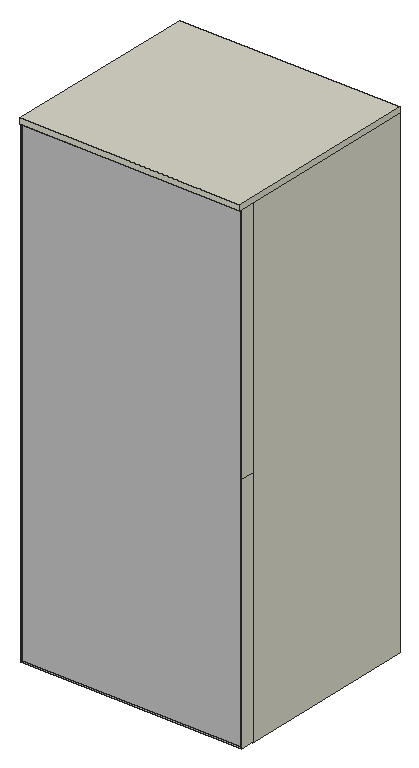
Revit family "bathroom vanity-hansgrohe-54216XXX-Xevolos E Mid-height cabinet Sand Matt Beige 400_360, door hinge right", category Furniture, Revit 2019
Family settings
  OmniClass Number = 23.40.00.00
  OmniClass Title = Equipment and Furnishings
  Work Plane-Based = No
  Always vertical = Yes
  Cut with Voids When Loaded = No
  Shared = Yes
  Room Calculation Point = No
Parameters (values of type "54216790-SAND_MATT_BEIGE-METALLIC_SAND_BEIGE-400")
  etim7_EC011381 = "EC011381"
  WEIGHT = "22.5"
  UNSPSC = "56 | Furniture and Furnishings"
  UNIFORMATII = "E2010 | Fixed Furnishings"
  UNICLASS_2015_CODE = "40_30_78_05"
  UNICLASS2015 = "Pr_40_30_78_05 | Bathroom furniture"
  SURFACE = "METALLIC_SAND_BEIGE"
  REGION = "Worldwide"
  PRODUCTURL = "https://pro.hansgrohe.com/articledetail--54216790"
  PERMALINK = "54216XXX"
  OMNICLASS = "23-21 19 15 33 13 | Residential Bathroom Specialty Casework"
  OBJECTTYPE = "Object (single object)"
  OBERFLAECHE = "SAND_MATT_BEIGE"
  NN = "Mid-height cabinet, door hinge"
  NBSYN = "$ARTNR.-$OBERFLAECHE.-$SURFACE.-$LODLEVEL."
  NB = "54216790-SAND_MATT_BEIGE-METALLIC_SAND_BEIGE-400"
  NAME = "Xevolos E Mid-height cabinet Sand Matt Beige 400/360, door hinge right"
  Model = "54216790-SAND_MATT_BEIGE-METALLIC_SAND_BEIGE-400"
  Manufacturer = "Hansgrohe"
  MIdent = "{$CADENAS_DATA/23d-libs/hansgrohe/xevolos_furniture/xevolos_mid-height_cabinet_door_hinge/mid-height_cabinet_door_hinge.prj},269 {VTYP=3D},{NB=54216790-SAND_MATT_BEIGE-METALLIC_SAND_BEIGE-400},{LINA=54216790-SAND_MATT_BEIGE-METALLIC_SAND_BEIGE-400},{NN=Mid-height cabinet, door hinge},{DATE=13.03.2023 11:42:53},{GEOMDATE=12.03.2023 06:48:00},{VERSION=},{LINEID=150},{WBVAR=LODLEVEL},{WBNUMERIC=}  {NB=54216790-SAND_MATT_BEIGE-METALLIC_SAND_BEIGE-400},{LINA=54216790-SAND_MATT_BEIGE-METALLIC_SAND_BEIGE-400},{KT=DUMMY},{IDNR=15},{ARTNR=54216790},{BASENUMBER=54216},{MODEL=54216XXX},{OBERFLAECHE=SAND_MATT_BEIGE},{SURFACE=METALLIC_SAND_BEIGE},{L=400},{LODLEVEL=400},{LODLEVELX='400','400','200','200'},{NAME=Xevolos E Mid-height cabinet Sand Matt Beige 400/360, door hinge right},{PERMALINK=54216XXX},{OBJECTTYPE=Object (single object)},{BIMOBJECT=Sanitary: Compound units},{COLLECTIONSET=Xevolos E},{COLLECTION=bathroom vanity},{WEIGHT=22.5},{DESCRIPTION=Xevolos E Mid-height cabinet Sand Matt Beige 400/360, door hinge right},{PRODUCTURL=https://pro.hansgrohe.com/articledetail--54216790},{GTINCODE=0},{TENDERURL=0},{IFC=Furnishing element},{ETIM=EC011381 | Bathroom furniture set},{UNICLASS2015=Pr_40_30_78_05 | Bathroom furniture},{OMNICLASS=23-21 19 15 33 13 | Residential Bathroom Specialty Casework},{MASTERFORMAT=12 35 30.23 | Bathroom Casework},{UNSPSC=56 | Furniture and Furnishings},{UNIFORMATII=E2010 | Fixed Furnishings},{REGION=Worldwide},{DESIGN=Germany},{MANUFACTURER=Germany}"
  MASTERFORMAT = "12 35 30.23 | Bathroom Casework"
  LODLEVEL = "400"
  LINA = "54216790-SAND_MATT_BEIGE-METALLIC_SAND_BEIGE-400"
  L = 400
  IFC = "Furnishing element"
  IDNR = 15
  ETIM = "EC011381 | Bathroom furniture set"
  DESIGN = "Germany"
  COLLECTIONSET = "Xevolos E"
  COLLECTION = "bathroom vanity"
  CATALOG = "Hansgrohe"
  BIMOBJECT = "Sanitary: Compound units"
  BASENUMBER = "54216"
  ARTNR = "54216790"
  54216790-SAND_MATT_BEIGE-METALLIC_SAND_BEIGE-400_RX0RY0RZ0TX0TY0TZ0_V = yes
  54216790-SAND_MATT_BEIGE-METALLIC_SAND_BEIGE-200_RX0RY0RZ0TX0TY0TZ0_V = no
  54216730-SAND_MATT_BEIGE-DARK_OAK-400_RX0RY0RZ0TX0TY0TZ0_V = no
  54216730-SAND_MATT_BEIGE-DARK_OAK-200_RX0RY0RZ0TX0TY0TZ0_V = no
  54216390-SAND_MATT_BEIGE-PATTEREND_BRONZE-400_RX0RY0RZ0TX0TY0TZ0_V = no
  54216390-SAND_MATT_BEIGE-PATTEREND_BRONZE-200_RX0RY0RZ0TX0TY0TZ0_V = no
Types (6, lengths in mm): name | SURFACE | NB | Model | MIdent | LODLEVEL | LINA | IDNR | ARTNR | 54216790-SAND_MATT_BEIGE-METALLIC_SAND_BEIGE-400_RX0RY0RZ0TX0TY0TZ0_V | 54216790-SAND_MATT_BEIGE-METALLIC_SAND_BEIGE-200_RX0RY0RZ0TX0TY0TZ0_V | 54216730-SAND_MATT_BEIGE-DARK_OAK-400_RX0RY0RZ0TX0TY0TZ0_V | 54216730-SAND_MATT_BEIGE-DARK_OAK-200_RX0RY0RZ0TX0TY0TZ0_V | 54216390-SAND_MATT_BEIGE-PATTEREND_BRONZE-400_RX0RY0RZ0TX0TY0TZ0_V | 54216390-SAND_MATT_BEIGE-PATTEREND_BRONZE-200_RX0RY0RZ0TX0TY0TZ0_V
  54216390-SAND_MATT_BEIGE-PATTEREND_BRONZE-200 | "PATTEREND_BRONZE" | "54216390-SAND_MATT_BEIGE-PATTEREND_BRONZE-200" | "54216390-SAND_MATT_BEIGE-PATTEREND_BRONZE-200" | "{$CADENAS_DATA/23d-libs/hansgrohe/xevolos_furniture/xevolos_mid-height_cabinet_door_hinge/mid-height_cabinet_door_hinge.prj},263 {VTYP=3D},{NB=54216390-SAND_MATT_BEIGE-PATTEREND_BRONZE-200},{LINA=54216390-SAND_MATT_BEIGE-PATTEREND_BRONZE-200},{NN=Mid-height cabinet, door hinge},{DATE=13.03.2023 11:42:53},{GEOMDATE=12.03.2023 06:48:00},{VERSION=},{LINEID=130},{WBVAR=LODLEVEL},{WBNUMERIC=}  {NB=54216390-SAND_MATT_BEIGE-PATTEREND_BRONZE-200},{LINA=54216390-SAND_MATT_BEIGE-PATTEREND_BRONZE-200},{KT=DUMMY},{IDNR=13},{ARTNR=54216390},{BASENUMBER=54216},{MODEL=54216XXX},{OBERFLAECHE=SAND_MATT_BEIGE},{SURFACE=PATTEREND_BRONZE},{L=400},{LODLEVEL=200},{LODLEVELX='400','400','200','200'},{NAME=Xevolos E Mid-height cabinet Sand Matt Beige 400/360, door hinge right},{PERMALINK=54216XXX},{OBJECTTYPE=Object (single object)},{BIMOBJECT=Sanitary: Compound units},{COLLECTIONSET=Xevolos E},{COLLECTION=bathroom vanity},{WEIGHT=22.5},{DESCRIPTION=Xevolos E Mid-height cabinet Sand Matt Beige 400/360, door hinge right},{PRODUCTURL=https://pro.hansgrohe.com/articledetail--54216790},{GTINCODE=0},{TENDERURL=0},{IFC=Furnishing element},{ETIM=EC011381 | Bathroom furniture set},{UNICLASS2015=Pr_40_30_78_05 | Bathroom furniture},{OMNICLASS=23-21 19 15 33 13 | Residential Bathroom Specialty Casework},{MASTERFORMAT=12 35 30.23 | Bathroom Casework},{UNSPSC=56 | Furniture and Furnishings},{UNIFORMATII=E2010 | Fixed Furnishings},{REGION=Worldwide},{DESIGN=Germany},{MANUFACTURER=Germany}" | "200" | "54216390-SAND_MATT_BEIGE-PATTEREND_BRONZE-200" | 13 | "54216390" | no | no | no | no | no | yes
  54216390-SAND_MATT_BEIGE-PATTEREND_BRONZE-400 | "PATTEREND_BRONZE" | "54216390-SAND_MATT_BEIGE-PATTEREND_BRONZE-400" | "54216390-SAND_MATT_BEIGE-PATTEREND_BRONZE-400" | "{$CADENAS_DATA/23d-libs/hansgrohe/xevolos_furniture/xevolos_mid-height_cabinet_door_hinge/mid-height_cabinet_door_hinge.prj},263 {VTYP=3D},{NB=54216390-SAND_MATT_BEIGE-PATTEREND_BRONZE-400},{LINA=54216390-SAND_MATT_BEIGE-PATTEREND_BRONZE-400},{NN=Mid-height cabinet, door hinge},{DATE=13.03.2023 11:42:53},{GEOMDATE=12.03.2023 06:48:00},{VERSION=},{LINEID=130},{WBVAR=LODLEVEL},{WBNUMERIC=}  {NB=54216390-SAND_MATT_BEIGE-PATTEREND_BRONZE-400},{LINA=54216390-SAND_MATT_BEIGE-PATTEREND_BRONZE-400},{KT=DUMMY},{IDNR=13},{ARTNR=54216390},{BASENUMBER=54216},{MODEL=54216XXX},{OBERFLAECHE=SAND_MATT_BEIGE},{SURFACE=PATTEREND_BRONZE},{L=400},{LODLEVEL=400},{LODLEVELX='400','400','200','200'},{NAME=Xevolos E Mid-height cabinet Sand Matt Beige 400/360, door hinge right},{PERMALINK=54216XXX},{OBJECTTYPE=Object (single object)},{BIMOBJECT=Sanitary: Compound units},{COLLECTIONSET=Xevolos E},{COLLECTION=bathroom vanity},{WEIGHT=22.5},{DESCRIPTION=Xevolos E Mid-height cabinet Sand Matt Beige 400/360, door hinge right},{PRODUCTURL=https://pro.hansgrohe.com/articledetail--54216790},{GTINCODE=0},{TENDERURL=0},{IFC=Furnishing element},{ETIM=EC011381 | Bathroom furniture set},{UNICLASS2015=Pr_40_30_78_05 | Bathroom furniture},{OMNICLASS=23-21 19 15 33 13 | Residential Bathroom Specialty Casework},{MASTERFORMAT=12 35 30.23 | Bathroom Casework},{UNSPSC=56 | Furniture and Furnishings},{UNIFORMATII=E2010 | Fixed Furnishings},{REGION=Worldwide},{DESIGN=Germany},{MANUFACTURER=Germany}" | "400" | "54216390-SAND_MATT_BEIGE-PATTEREND_BRONZE-400" | 13 | "54216390" | no | no | no | no | yes | no
  54216730-SAND_MATT_BEIGE-DARK_OAK-200 | "DARK_OAK" | "54216730-SAND_MATT_BEIGE-DARK_OAK-200" | "54216730-SAND_MATT_BEIGE-DARK_OAK-200" | "{$CADENAS_DATA/23d-libs/hansgrohe/xevolos_furniture/xevolos_mid-height_cabinet_door_hinge/mid-height_cabinet_door_hinge.prj},247 {VTYP=3D},{NB=54216730-SAND_MATT_BEIGE-DARK_OAK-200},{LINA=54216730-SAND_MATT_BEIGE-DARK_OAK-200},{NN=Mid-height cabinet, door hinge},{DATE=13.03.2023 11:42:53},{GEOMDATE=12.03.2023 06:48:00},{VERSION=},{LINEID=140},{WBVAR=LODLEVEL},{WBNUMERIC=}  {NB=54216730-SAND_MATT_BEIGE-DARK_OAK-200},{LINA=54216730-SAND_MATT_BEIGE-DARK_OAK-200},{KT=DUMMY},{IDNR=14},{ARTNR=54216730},{BASENUMBER=54216},{MODEL=54216XXX},{OBERFLAECHE=SAND_MATT_BEIGE},{SURFACE=DARK_OAK},{L=400},{LODLEVEL=200},{LODLEVELX='400','400','200','200'},{NAME=Xevolos E Mid-height cabinet Sand Matt Beige 400/360, door hinge right},{PERMALINK=54216XXX},{OBJECTTYPE=Object (single object)},{BIMOBJECT=Sanitary: Compound units},{COLLECTIONSET=Xevolos E},{COLLECTION=bathroom vanity},{WEIGHT=22.5},{DESCRIPTION=Xevolos E Mid-height cabinet Sand Matt Beige 400/360, door hinge right},{PRODUCTURL=https://pro.hansgrohe.com/articledetail--54216790},{GTINCODE=0},{TENDERURL=0},{IFC=Furnishing element},{ETIM=EC011381 | Bathroom furniture set},{UNICLASS2015=Pr_40_30_78_05 | Bathroom furniture},{OMNICLASS=23-21 19 15 33 13 | Residential Bathroom Specialty Casework},{MASTERFORMAT=12 35 30.23 | Bathroom Casework},{UNSPSC=56 | Furniture and Furnishings},{UNIFORMATII=E2010 | Fixed Furnishings},{REGION=Worldwide},{DESIGN=Germany},{MANUFACTURER=Germany}" | "200" | "54216730-SAND_MATT_BEIGE-DARK_OAK-200" | 14 | "54216730" | no | no | no | yes | no | no
  54216730-SAND_MATT_BEIGE-DARK_OAK-400 | "DARK_OAK" | "54216730-SAND_MATT_BEIGE-DARK_OAK-400" | "54216730-SAND_MATT_BEIGE-DARK_OAK-400" | "{$CADENAS_DATA/23d-libs/hansgrohe/xevolos_furniture/xevolos_mid-height_cabinet_door_hinge/mid-height_cabinet_door_hinge.prj},247 {VTYP=3D},{NB=54216730-SAND_MATT_BEIGE-DARK_OAK-400},{LINA=54216730-SAND_MATT_BEIGE-DARK_OAK-400},{NN=Mid-height cabinet, door hinge},{DATE=13.03.2023 11:42:53},{GEOMDATE=12.03.2023 06:48:00},{VERSION=},{LINEID=140},{WBVAR=LODLEVEL},{WBNUMERIC=}  {NB=54216730-SAND_MATT_BEIGE-DARK_OAK-400},{LINA=54216730-SAND_MATT_BEIGE-DARK_OAK-400},{KT=DUMMY},{IDNR=14},{ARTNR=54216730},{BASENUMBER=54216},{MODEL=54216XXX},{OBERFLAECHE=SAND_MATT_BEIGE},{SURFACE=DARK_OAK},{L=400},{LODLEVEL=400},{LODLEVELX='400','400','200','200'},{NAME=Xevolos E Mid-height cabinet Sand Matt Beige 400/360, door hinge right},{PERMALINK=54216XXX},{OBJECTTYPE=Object (single object)},{BIMOBJECT=Sanitary: Compound units},{COLLECTIONSET=Xevolos E},{COLLECTION=bathroom vanity},{WEIGHT=22.5},{DESCRIPTION=Xevolos E Mid-height cabinet Sand Matt Beige 400/360, door hinge right},{PRODUCTURL=https://pro.hansgrohe.com/articledetail--54216790},{GTINCODE=0},{TENDERURL=0},{IFC=Furnishing element},{ETIM=EC011381 | Bathroom furniture set},{UNICLASS2015=Pr_40_30_78_05 | Bathroom furniture},{OMNICLASS=23-21 19 15 33 13 | Residential Bathroom Specialty Casework},{MASTERFORMAT=12 35 30.23 | Bathroom Casework},{UNSPSC=56 | Furniture and Furnishings},{UNIFORMATII=E2010 | Fixed Furnishings},{REGION=Worldwide},{DESIGN=Germany},{MANUFACTURER=Germany}" | "400" | "54216730-SAND_MATT_BEIGE-DARK_OAK-400" | 14 | "54216730" | no | no | yes | no | no | no
  54216790-SAND_MATT_BEIGE-METALLIC_SAND_BEIGE-200 | "METALLIC_SAND_BEIGE" | "54216790-SAND_MATT_BEIGE-METALLIC_SAND_BEIGE-200" | "54216790-SAND_MATT_BEIGE-METALLIC_SAND_BEIGE-200" | "{$CADENAS_DATA/23d-libs/hansgrohe/xevolos_furniture/xevolos_mid-height_cabinet_door_hinge/mid-height_cabinet_door_hinge.prj},269 {VTYP=3D},{NB=54216790-SAND_MATT_BEIGE-METALLIC_SAND_BEIGE-200},{LINA=54216790-SAND_MATT_BEIGE-METALLIC_SAND_BEIGE-200},{NN=Mid-height cabinet, door hinge},{DATE=13.03.2023 11:42:53},{GEOMDATE=12.03.2023 06:48:00},{VERSION=},{LINEID=150},{WBVAR=LODLEVEL},{WBNUMERIC=}  {NB=54216790-SAND_MATT_BEIGE-METALLIC_SAND_BEIGE-200},{LINA=54216790-SAND_MATT_BEIGE-METALLIC_SAND_BEIGE-200},{KT=DUMMY},{IDNR=15},{ARTNR=54216790},{BASENUMBER=54216},{MODEL=54216XXX},{OBERFLAECHE=SAND_MATT_BEIGE},{SURFACE=METALLIC_SAND_BEIGE},{L=400},{LODLEVEL=200},{LODLEVELX='400','400','200','200'},{NAME=Xevolos E Mid-height cabinet Sand Matt Beige 400/360, door hinge right},{PERMALINK=54216XXX},{OBJECTTYPE=Object (single object)},{BIMOBJECT=Sanitary: Compound units},{COLLECTIONSET=Xevolos E},{COLLECTION=bathroom vanity},{WEIGHT=22.5},{DESCRIPTION=Xevolos E Mid-height cabinet Sand Matt Beige 400/360, door hinge right},{PRODUCTURL=https://pro.hansgrohe.com/articledetail--54216790},{GTINCODE=0},{TENDERURL=0},{IFC=Furnishing element},{ETIM=EC011381 | Bathroom furniture set},{UNICLASS2015=Pr_40_30_78_05 | Bathroom furniture},{OMNICLASS=23-21 19 15 33 13 | Residential Bathroom Specialty Casework},{MASTERFORMAT=12 35 30.23 | Bathroom Casework},{UNSPSC=56 | Furniture and Furnishings},{UNIFORMATII=E2010 | Fixed Furnishings},{REGION=Worldwide},{DESIGN=Germany},{MANUFACTURER=Germany}" | "200" | "54216790-SAND_MATT_BEIGE-METALLIC_SAND_BEIGE-200" | 15 | "54216790" | no | yes | no | no | no | no
  54216790-SAND_MATT_BEIGE-METALLIC_SAND_BEIGE-400 | "METALLIC_SAND_BEIGE" | "54216790-SAND_MATT_BEIGE-METALLIC_SAND_BEIGE-400" | "54216790-SAND_MATT_BEIGE-METALLIC_SAND_BEIGE-400" | "{$CADENAS_DATA/23d-libs/hansgrohe/xevolos_furniture/xevolos_mid-height_cabinet_door_hinge/mid-height_cabinet_door_hinge.prj},269 {VTYP=3D},{NB=54216790-SAND_MATT_BEIGE-METALLIC_SAND_BEIGE-400},{LINA=54216790-SAND_MATT_BEIGE-METALLIC_SAND_BEIGE-400},{NN=Mid-height cabinet, door hinge},{DATE=13.03.2023 11:42:53},{GEOMDATE=12.03.2023 06:48:00},{VERSION=},{LINEID=150},{WBVAR=LODLEVEL},{WBNUMERIC=}  {NB=54216790-SAND_MATT_BEIGE-METALLIC_SAND_BEIGE-400},{LINA=54216790-SAND_MATT_BEIGE-METALLIC_SAND_BEIGE-400},{KT=DUMMY},{IDNR=15},{ARTNR=54216790},{BASENUMBER=54216},{MODEL=54216XXX},{OBERFLAECHE=SAND_MATT_BEIGE},{SURFACE=METALLIC_SAND_BEIGE},{L=400},{LODLEVEL=400},{LODLEVELX='400','400','200','200'},{NAME=Xevolos E Mid-height cabinet Sand Matt Beige 400/360, door hinge right},{PERMALINK=54216XXX},{OBJECTTYPE=Object (single object)},{BIMOBJECT=Sanitary: Compound units},{COLLECTIONSET=Xevolos E},{COLLECTION=bathroom vanity},{WEIGHT=22.5},{DESCRIPTION=Xevolos E Mid-height cabinet Sand Matt Beige 400/360, door hinge right},{PRODUCTURL=https://pro.hansgrohe.com/articledetail--54216790},{GTINCODE=0},{TENDERURL=0},{IFC=Furnishing element},{ETIM=EC011381 | Bathroom furniture set},{UNICLASS2015=Pr_40_30_78_05 | Bathroom furniture},{OMNICLASS=23-21 19 15 33 13 | Residential Bathroom Specialty Casework},{MASTERFORMAT=12 35 30.23 | Bathroom Casework},{UNSPSC=56 | Furniture and Furnishings},{UNIFORMATII=E2010 | Fixed Furnishings},{REGION=Worldwide},{DESIGN=Germany},{MANUFACTURER=Germany}" | "400" | "54216790-SAND_MATT_BEIGE-METALLIC_SAND_BEIGE-400" | 15 | "54216790" | yes | no | no | no | no | no
Reference planes
  plane 1 "Center (Front/Back)": y = 0
  plane 2: z = 0
  plane 3 "Center (Left/Right)": x = 0
Dimensions and locks
  aligned and locked: level to plane 2
Nested families
  nested 1: "54216390-sand_matt_beige-patterend_bronze-200_content" at (0, 0, 0), visible <- "54216390-SAND_MATT_BEIGE-PATTEREND_BRONZE-200_RX0RY0RZ0TX0TY0TZ0_V", ContentVisible <- "54216390-SAND_MATT_BEIGE-PATTEREND_BRONZE-200_RX0RY0RZ0TX0TY0TZ0_V", type "54216390-SAND_MATT_BEIGE-PATTEREND_BRONZE-200_Content"
    with ContentVisible no
  nested 2: "54216390-sand_matt_beige-patterend_bronze-400_content" at (0, 0, 0), visible <- "54216390-SAND_MATT_BEIGE-PATTEREND_BRONZE-400_RX0RY0RZ0TX0TY0TZ0_V", ContentVisible <- "54216390-SAND_MATT_BEIGE-PATTEREND_BRONZE-400_RX0RY0RZ0TX0TY0TZ0_V", type "54216390-SAND_MATT_BEIGE-PATTEREND_BRONZE-400_Content"
    with ContentVisible no
  nested 3: "54216730-sand_matt_beige-dark_oak-200_content" at (0, 0, 0), visible <- "54216730-SAND_MATT_BEIGE-DARK_OAK-200_RX0RY0RZ0TX0TY0TZ0_V", ContentVisible <- "54216730-SAND_MATT_BEIGE-DARK_OAK-200_RX0RY0RZ0TX0TY0TZ0_V", type "54216730-SAND_MATT_BEIGE-DARK_OAK-200_Content"
    with ContentVisible no
  nested 4: "54216730-sand_matt_beige-dark_oak-400_content" at (0, 0, 0), visible <- "54216730-SAND_MATT_BEIGE-DARK_OAK-400_RX0RY0RZ0TX0TY0TZ0_V", ContentVisible <- "54216730-SAND_MATT_BEIGE-DARK_OAK-400_RX0RY0RZ0TX0TY0TZ0_V", type "54216730-SAND_MATT_BEIGE-DARK_OAK-400_Content"
    with ContentVisible no
  nested 5: "54216790-sand_matt_beige-metallic_sand_beige-200_content" at (0, 0, 0), visible <- "54216790-SAND_MATT_BEIGE-METALLIC_SAND_BEIGE-200_RX0RY0RZ0TX0TY0TZ0_V", ContentVisible <- "54216790-SAND_MATT_BEIGE-METALLIC_SAND_BEIGE-200_RX0RY0RZ0TX0TY0TZ0_V", type "54216790-SAND_MATT_BEIGE-METALLIC_SAND_BEIGE-200_Content"
    with ContentVisible no
  nested 6: "54216790-sand_matt_beige-metallic_sand_beige-400_content" at (0, 0, 0), visible <- "54216790-SAND_MATT_BEIGE-METALLIC_SAND_BEIGE-400_RX0RY0RZ0TX0TY0TZ0_V", ContentVisible <- "54216790-SAND_MATT_BEIGE-METALLIC_SAND_BEIGE-400_RX0RY0RZ0TX0TY0TZ0_V", type "54216790-SAND_MATT_BEIGE-METALLIC_SAND_BEIGE-400_Content"
    with ContentVisible yes
Definition of nested family "54216790-sand_matt_beige-metallic_sand_beige-400_content"
  Parameters (values of type "54216790-SAND_MATT_BEIGE-METALLIC_SAND_BEIGE-400_Content")
    etim7_EC011381 = "EC011381"
    WEIGHT = "22.5"
    UNSPSC = "56 | Furniture and Furnishings"
    UNIFORMATII = "E2010 | Fixed Furnishings"
    UNICLASS_2015_CODE = "40_30_78_05"
    UNICLASS2015 = "Pr_40_30_78_05 | Bathroom furniture"
    SURFACE = "METALLIC_SAND_BEIGE"
    REGION = "Worldwide"
    PRODUCTURL = "https://pro.hansgrohe.com/articledetail--54216790"
    PERMALINK = "54216XXX"
    OMNICLASS = "23-21 19 15 33 13 | Residential Bathroom Specialty Casework"
    OBJECTTYPE = "Object (single object)"
    OBERFLAECHE = "SAND_MATT_BEIGE"
    NN = "Mid-height cabinet, door hinge"
    NBSYN = "$ARTNR.-$OBERFLAECHE.-$SURFACE.-$LODLEVEL."
    NB = "54216790-SAND_MATT_BEIGE-METALLIC_SAND_BEIGE-400"
    NAME = "Xevolos E Mid-height cabinet Sand Matt Beige 400/360, door hinge right"
    Model = "54216790-SAND_MATT_BEIGE-METALLIC_SAND_BEIGE-400"
    Manufacturer = "Hansgrohe"
    MASTERFORMAT = "12 35 30.23 | Bathroom Casework"
    LODLEVEL = "400"
    LINA = "54216790-SAND_MATT_BEIGE-METALLIC_SAND_BEIGE-400"
    L = 400
    IFC = "Furnishing element"
    IDNR = 15
    ETIM = "EC011381 | Bathroom furniture set"
    Default Elevation = 1219.2 mm
    DESIGN = "Germany"
    ContentVisible [instance] = yes
    COLLECTIONSET = "Xevolos E"
    COLLECTION = "bathroom vanity"
    CATALOG = "Hansgrohe"
    BIMOBJECT = "Sanitary: Compound units"
    BASENUMBER = "54216"
    ARTNR = "54216790"
  Reference planes
    plane 1 "Center (Front/Back)": y = 0
    plane 2: z = 0
    plane 3 "Center (Left/Right)": x = 0
  Forms (mm)
    Extrusion 1, solid, visible <- "ContentVisible", detail levels medium+fine
      sketch origin (0, 0, 0) x (1, 0, 0) y (0, 1, 0)
        loop
          line (-200, 0) -> (-200, -334.5) -> (200, -334.5) -> (200, 0) -> (184, 0) -> (184, -16.8) -> (-184, -16.8) -> (-184, 0) -> (-200, 0)
      from 0 to 878
    Extrusion 2, solid, visible <- "ContentVisible", detail levels medium+fine
      sketch origin (0, -334.5, 0) x (1, 0, 0) y (0, 0, -1)
        loop
          line (-200, -2) -> (-200, -440) -> (-198, -440) -> (-198, -4) -> (198, -4) -> (198, -440) -> (200, -440) -> (200, -2) -> (-200, -2)
      from -24.75 to 0
    Extrusion 3, solid, visible <- "ContentVisible", detail levels medium+fine
      sketch origin (0, -334.5, 0) x (1, 0, 0) y (0, 0, -1)
        loop
          line (-200, -440) -> (-200, -878) -> (200, -878) -> (200, -440) -> (198, -440) -> (198, -876) -> (-198, -876) -> (-198, -440) -> (-200, -440)
      from -24.75 to 0
    Extrusion 4, solid, visible <- "ContentVisible", detail levels medium+fine
      sketch origin (0, -334.5, 0) x (1, 0, 0) y (0, 0, -1)
        loop
          line (-198, -4) -> (-198, -876) -> (198, -876) -> (198, -4) -> (-198, -4)
      from -24.75 to 0
    Extrusion 5, solid, visible <- "ContentVisible", detail levels medium+fine
      sketch origin (0, 0, 878) x (1, 0, 0) y (0, 1, 0)
        loop
          line (-200, -362) -> (200, -362) -> (200, 0) -> (-200, 0) -> (-200, -362)
      from 0 to 10
    Extrusion 6, solid, visible <- "ContentVisible", detail levels coarse
      sketch origin (0, -181, 0) x (1, 0, 0) y (0, 1, 0)
        loop
          line (-200, -181) -> (200, -181) -> (200, 181) -> (-200, 181) -> (-200, -181)
      from 0 to 888
  Dimensions and locks
    aligned and locked: level to plane 2
Definition of nested family "54216390-sand_matt_beige-patterend_bronze-200_content"
  Parameters (values of type "54216390-SAND_MATT_BEIGE-PATTEREND_BRONZE-200_Content")
    etim7_EC011381 = "EC011381"
    WEIGHT = "22.5"
    UNSPSC = "56 | Furniture and Furnishings"
    UNIFORMATII = "E2010 | Fixed Furnishings"
    UNICLASS_2015_CODE = "40_30_78_05"
    UNICLASS2015 = "Pr_40_30_78_05 | Bathroom furniture"
    SURFACE = "PATTEREND_BRONZE"
    REGION = "Worldwide"
    PRODUCTURL = "https://pro.hansgrohe.com/articledetail--54216790"
    PERMALINK = "54216XXX"
    OMNICLASS = "23-21 19 15 33 13 | Residential Bathroom Specialty Casework"
    OBJECTTYPE = "Object (single object)"
    OBERFLAECHE = "SAND_MATT_BEIGE"
    NN = "Mid-height cabinet, door hinge"
    NBSYN = "$ARTNR.-$OBERFLAECHE.-$SURFACE.-$LODLEVEL."
    NB = "54216390-SAND_MATT_BEIGE-PATTEREND_BRONZE-200"
    NAME = "Xevolos E Mid-height cabinet Sand Matt Beige 400/360, door hinge right"
    Model = "54216390-SAND_MATT_BEIGE-PATTEREND_BRONZE-200"
    Manufacturer = "Hansgrohe"
    MASTERFORMAT = "12 35 30.23 | Bathroom Casework"
    LODLEVEL = "200"
    LINA = "54216390-SAND_MATT_BEIGE-PATTEREND_BRONZE-200"
    L = 400
    IFC = "Furnishing element"
    IDNR = 13
    ETIM = "EC011381 | Bathroom furniture set"
    Default Elevation = 1219.2 mm
    DESIGN = "Germany"
    ContentVisible [instance] = yes
    COLLECTIONSET = "Xevolos E"
    COLLECTION = "bathroom vanity"
    CATALOG = "Hansgrohe"
    BIMOBJECT = "Sanitary: Compound units"
    BASENUMBER = "54216"
    ARTNR = "54216390"
  Reference planes
    plane 1 "Center (Front/Back)": y = 0
    plane 2: z = 0
    plane 3 "Center (Left/Right)": x = 0
  Forms (mm)
    Extrusion 1, solid, visible <- "ContentVisible", detail levels medium+fine
      sketch origin (0, 0, 0) x (1, 0, 0) y (0, 1, 0)
        loop
          line (-200, 0) -> (-200, -334.5) -> (200, -334.5) -> (200, 0) -> (-200, 0)
      from 0 to 878
    Extrusion 2, solid, visible <- "ContentVisible", detail levels medium+fine
      sketch origin (0, -334.5, 0) x (1, 0, 0) y (0, 0, -1)
        loop
          line (-200, -2) -> (-200, -440) -> (-198, -440) -> (-198, -4) -> (198, -4) -> (198, -440) -> (200, -440) -> (200, -2) -> (-200, -2)
      from -24.75 to 0
    Extrusion 3, solid, visible <- "ContentVisible", detail levels medium+fine
      sketch origin (0, -334.5, 0) x (1, 0, 0) y (0, 0, -1)
        loop
          line (-200, -440) -> (-200, -878) -> (200, -878) -> (200, -440) -> (198, -440) -> (198, -876) -> (-198, -876) -> (-198, -440) -> (-200, -440)
      from -24.75 to 0
    Extrusion 4, solid, visible <- "ContentVisible", detail levels medium+fine
      sketch origin (0, -334.5, 0) x (1, 0, 0) y (0, 0, -1)
        loop
          line (-198, -4) -> (-198, -876) -> (198, -876) -> (198, -4) -> (-198, -4)
      from -24.75 to 0
    Extrusion 5, solid, visible <- "ContentVisible", detail levels medium+fine
      sketch origin (0, 0, 878) x (1, 0, 0) y (0, 1, 0)
        loop
          line (-200, -362) -> (200, -362) -> (200, 0) -> (-200, 0) -> (-200, -362)
      from 0 to 10
    Extrusion 6, solid, visible <- "ContentVisible", detail levels coarse
      sketch origin (0, -181, 0) x (1, 0, 0) y (0, 1, 0)
        loop
          line (-200, -181) -> (200, -181) -> (200, 181) -> (-200, 181) -> (-200, -181)
      from 0 to 888
  Dimensions and locks
    aligned and locked: level to plane 2
Definition of nested family "54216390-sand_matt_beige-patterend_bronze-400_content"
  Parameters (values of type "54216390-SAND_MATT_BEIGE-PATTEREND_BRONZE-400_Content")
    etim7_EC011381 = "EC011381"
    WEIGHT = "22.5"
    UNSPSC = "56 | Furniture and Furnishings"
    UNIFORMATII = "E2010 | Fixed Furnishings"
    UNICLASS_2015_CODE = "40_30_78_05"
    UNICLASS2015 = "Pr_40_30_78_05 | Bathroom furniture"
    SURFACE = "PATTEREND_BRONZE"
    REGION = "Worldwide"
    PRODUCTURL = "https://pro.hansgrohe.com/articledetail--54216790"
    PERMALINK = "54216XXX"
    OMNICLASS = "23-21 19 15 33 13 | Residential Bathroom Specialty Casework"
    OBJECTTYPE = "Object (single object)"
    OBERFLAECHE = "SAND_MATT_BEIGE"
    NN = "Mid-height cabinet, door hinge"
    NBSYN = "$ARTNR.-$OBERFLAECHE.-$SURFACE.-$LODLEVEL."
    NB = "54216390-SAND_MATT_BEIGE-PATTEREND_BRONZE-400"
    NAME = "Xevolos E Mid-height cabinet Sand Matt Beige 400/360, door hinge right"
    Model = "54216390-SAND_MATT_BEIGE-PATTEREND_BRONZE-400"
    Manufacturer = "Hansgrohe"
    MASTERFORMAT = "12 35 30.23 | Bathroom Casework"
    LODLEVEL = "400"
    LINA = "54216390-SAND_MATT_BEIGE-PATTEREND_BRONZE-400"
    L = 400
    IFC = "Furnishing element"
    IDNR = 13
    ETIM = "EC011381 | Bathroom furniture set"
    Default Elevation = 1219.2 mm
    DESIGN = "Germany"
    ContentVisible [instance] = yes
    COLLECTIONSET = "Xevolos E"
    COLLECTION = "bathroom vanity"
    CATALOG = "Hansgrohe"
    BIMOBJECT = "Sanitary: Compound units"
    BASENUMBER = "54216"
    ARTNR = "54216390"
  Reference planes
    plane 1 "Center (Front/Back)": y = 0
    plane 2: z = 0
    plane 3 "Center (Left/Right)": x = 0
  Forms (mm)
    Extrusion 1, solid, visible <- "ContentVisible", detail levels medium+fine
      sketch origin (0, 0, 0) x (1, 0, 0) y (0, 1, 0)
        loop
          line (-200, 0) -> (-200, -334.5) -> (200, -334.5) -> (200, 0) -> (184, 0) -> (184, -16.8) -> (-184, -16.8) -> (-184, 0) -> (-200, 0)
      from 0 to 878
    Extrusion 2, solid, visible <- "ContentVisible", detail levels medium+fine
      sketch origin (0, -334.5, 0) x (1, 0, 0) y (0, 0, -1)
        loop
          line (-200, -2) -> (-200, -440) -> (-198, -440) -> (-198, -4) -> (198, -4) -> (198, -440) -> (200, -440) -> (200, -2) -> (-200, -2)
      from -24.75 to 0
    Extrusion 3, solid, visible <- "ContentVisible", detail levels medium+fine
      sketch origin (0, -334.5, 0) x (1, 0, 0) y (0, 0, -1)
        loop
          line (-200, -440) -> (-200, -878) -> (200, -878) -> (200, -440) -> (198, -440) -> (198, -876) -> (-198, -876) -> (-198, -440) -> (-200, -440)
      from -24.75 to 0
    Extrusion 4, solid, visible <- "ContentVisible", detail levels medium+fine
      sketch origin (0, -334.5, 0) x (1, 0, 0) y (0, 0, -1)
        loop
          line (-198, -4) -> (-198, -876) -> (198, -876) -> (198, -4) -> (-198, -4)
      from -24.75 to 0
    Extrusion 5, solid, visible <- "ContentVisible", detail levels medium+fine
      sketch origin (0, 0, 878) x (1, 0, 0) y (0, 1, 0)
        loop
          line (-200, -362) -> (200, -362) -> (200, 0) -> (-200, 0) -> (-200, -362)
      from 0 to 10
    Extrusion 6, solid, visible <- "ContentVisible", detail levels coarse
      sketch origin (0, -181, 0) x (1, 0, 0) y (0, 1, 0)
        loop
          line (-200, -181) -> (200, -181) -> (200, 181) -> (-200, 181) -> (-200, -181)
      from 0 to 888
  Dimensions and locks
    aligned and locked: level to plane 2
Definition of nested family "54216730-sand_matt_beige-dark_oak-200_content"
  Parameters (values of type "54216730-SAND_MATT_BEIGE-DARK_OAK-200_Content")
    etim7_EC011381 = "EC011381"
    WEIGHT = "22.5"
    UNSPSC = "56 | Furniture and Furnishings"
    UNIFORMATII = "E2010 | Fixed Furnishings"
    UNICLASS_2015_CODE = "40_30_78_05"
    UNICLASS2015 = "Pr_40_30_78_05 | Bathroom furniture"
    SURFACE = "DARK_OAK"
    REGION = "Worldwide"
    PRODUCTURL = "https://pro.hansgrohe.com/articledetail--54216790"
    PERMALINK = "54216XXX"
    OMNICLASS = "23-21 19 15 33 13 | Residential Bathroom Specialty Casework"
    OBJECTTYPE = "Object (single object)"
    OBERFLAECHE = "SAND_MATT_BEIGE"
    NN = "Mid-height cabinet, door hinge"
    NBSYN = "$ARTNR.-$OBERFLAECHE.-$SURFACE.-$LODLEVEL."
    NB = "54216730-SAND_MATT_BEIGE-DARK_OAK-200"
    NAME = "Xevolos E Mid-height cabinet Sand Matt Beige 400/360, door hinge right"
    Model = "54216730-SAND_MATT_BEIGE-DARK_OAK-200"
    Manufacturer = "Hansgrohe"
    MASTERFORMAT = "12 35 30.23 | Bathroom Casework"
    LODLEVEL = "200"
    LINA = "54216730-SAND_MATT_BEIGE-DARK_OAK-200"
    L = 400
    IFC = "Furnishing element"
    IDNR = 14
    ETIM = "EC011381 | Bathroom furniture set"
    Default Elevation = 1219.2 mm
    DESIGN = "Germany"
    ContentVisible [instance] = yes
    COLLECTIONSET = "Xevolos E"
    COLLECTION = "bathroom vanity"
    CATALOG = "Hansgrohe"
    BIMOBJECT = "Sanitary: Compound units"
    BASENUMBER = "54216"
    ARTNR = "54216730"
  Reference planes
    plane 1 "Center (Front/Back)": y = 0
    plane 2: z = 0
    plane 3 "Center (Left/Right)": x = 0
  Forms (mm)
    Extrusion 1, solid, visible <- "ContentVisible", detail levels medium+fine
      sketch origin (0, 0, 0) x (1, 0, 0) y (0, 1, 0)
        loop
          line (-200, 0) -> (-200, -334.5) -> (200, -334.5) -> (200, 0) -> (-200, 0)
      from 0 to 878
    Extrusion 2, solid, visible <- "ContentVisible", detail levels medium+fine
      sketch origin (0, -334.5, 0) x (1, 0, 0) y (0, 0, -1)
        loop
          line (-200, -2) -> (-200, -440) -> (-198, -440) -> (-198, -4) -> (198, -4) -> (198, -440) -> (200, -440) -> (200, -2) -> (-200, -2)
      from -24.75 to 0
    Extrusion 3, solid, visible <- "ContentVisible", detail levels medium+fine
      sketch origin (0, -334.5, 0) x (1, 0, 0) y (0, 0, -1)
        loop
          line (-200, -440) -> (-200, -878) -> (200, -878) -> (200, -440) -> (198, -440) -> (198, -876) -> (-198, -876) -> (-198, -440) -> (-200, -440)
      from -24.75 to 0
    Extrusion 4, solid, visible <- "ContentVisible", detail levels medium+fine
      sketch origin (0, -334.5, 0) x (1, 0, 0) y (0, 0, -1)
        loop
          line (-198, -4) -> (-198, -876) -> (198, -876) -> (198, -4) -> (-198, -4)
      from -24.75 to 0
    Extrusion 5, solid, visible <- "ContentVisible", detail levels medium+fine
      sketch origin (0, 0, 878) x (1, 0, 0) y (0, 1, 0)
        loop
          line (-200, -362) -> (200, -362) -> (200, 0) -> (-200, 0) -> (-200, -362)
      from 0 to 10
    Extrusion 6, solid, visible <- "ContentVisible", detail levels coarse
      sketch origin (0, -181, 0) x (1, 0, 0) y (0, 1, 0)
        loop
          line (-200, -181) -> (200, -181) -> (200, 181) -> (-200, 181) -> (-200, -181)
      from 0 to 888
  Dimensions and locks
    aligned and locked: level to plane 2
Definition of nested family "54216730-sand_matt_beige-dark_oak-400_content"
  Parameters (values of type "54216730-SAND_MATT_BEIGE-DARK_OAK-400_Content")
    etim7_EC011381 = "EC011381"
    WEIGHT = "22.5"
    UNSPSC = "56 | Furniture and Furnishings"
    UNIFORMATII = "E2010 | Fixed Furnishings"
    UNICLASS_2015_CODE = "40_30_78_05"
    UNICLASS2015 = "Pr_40_30_78_05 | Bathroom furniture"
    SURFACE = "DARK_OAK"
    REGION = "Worldwide"
    PRODUCTURL = "https://pro.hansgrohe.com/articledetail--54216790"
    PERMALINK = "54216XXX"
    OMNICLASS = "23-21 19 15 33 13 | Residential Bathroom Specialty Casework"
    OBJECTTYPE = "Object (single object)"
    OBERFLAECHE = "SAND_MATT_BEIGE"
    NN = "Mid-height cabinet, door hinge"
    NBSYN = "$ARTNR.-$OBERFLAECHE.-$SURFACE.-$LODLEVEL."
    NB = "54216730-SAND_MATT_BEIGE-DARK_OAK-400"
    NAME = "Xevolos E Mid-height cabinet Sand Matt Beige 400/360, door hinge right"
    Model = "54216730-SAND_MATT_BEIGE-DARK_OAK-400"
    Manufacturer = "Hansgrohe"
    MASTERFORMAT = "12 35 30.23 | Bathroom Casework"
    LODLEVEL = "400"
    LINA = "54216730-SAND_MATT_BEIGE-DARK_OAK-400"
    L = 400
    IFC = "Furnishing element"
    IDNR = 14
    ETIM = "EC011381 | Bathroom furniture set"
    Default Elevation = 1219.2 mm
    DESIGN = "Germany"
    ContentVisible [instance] = yes
    COLLECTIONSET = "Xevolos E"
    COLLECTION = "bathroom vanity"
    CATALOG = "Hansgrohe"
    BIMOBJECT = "Sanitary: Compound units"
    BASENUMBER = "54216"
    ARTNR = "54216730"
  Reference planes
    plane 1 "Center (Front/Back)": y = 0
    plane 2: z = 0
    plane 3 "Center (Left/Right)": x = 0
  Forms (mm)
    Extrusion 1, solid, visible <- "ContentVisible", detail levels medium+fine
      sketch origin (0, 0, 0) x (1, 0, 0) y (0, 1, 0)
        loop
          line (-200, 0) -> (-200, -334.5) -> (200, -334.5) -> (200, 0) -> (184, 0) -> (184, -16.8) -> (-184, -16.8) -> (-184, 0) -> (-200, 0)
      from 0 to 878
    Extrusion 2, solid, visible <- "ContentVisible", detail levels medium+fine
      sketch origin (0, -334.5, 0) x (1, 0, 0) y (0, 0, -1)
        loop
          line (-200, -2) -> (-200, -440) -> (-198, -440) -> (-198, -4) -> (198, -4) -> (198, -440) -> (200, -440) -> (200, -2) -> (-200, -2)
      from -24.75 to 0
    Extrusion 3, solid, visible <- "ContentVisible", detail levels medium+fine
      sketch origin (0, -334.5, 0) x (1, 0, 0) y (0, 0, -1)
        loop
          line (-200, -440) -> (-200, -878) -> (200, -878) -> (200, -440) -> (198, -440) -> (198, -876) -> (-198, -876) -> (-198, -440) -> (-200, -440)
      from -24.75 to 0
    Extrusion 4, solid, visible <- "ContentVisible", detail levels medium+fine
      sketch origin (0, -334.5, 0) x (1, 0, 0) y (0, 0, -1)
        loop
          line (-198, -4) -> (-198, -876) -> (198, -876) -> (198, -4) -> (-198, -4)
      from -24.75 to 0
    Extrusion 5, solid, visible <- "ContentVisible", detail levels medium+fine
      sketch origin (0, 0, 878) x (1, 0, 0) y (0, 1, 0)
        loop
          line (-200, -362) -> (200, -362) -> (200, 0) -> (-200, 0) -> (-200, -362)
      from 0 to 10
    Extrusion 6, solid, visible <- "ContentVisible", detail levels coarse
      sketch origin (0, -181, 0) x (1, 0, 0) y (0, 1, 0)
        loop
          line (-200, -181) -> (200, -181) -> (200, 181) -> (-200, 181) -> (-200, -181)
      from 0 to 888
  Dimensions and locks
    aligned and locked: level to plane 2
Definition of nested family "54216790-sand_matt_beige-metallic_sand_beige-200_content"
  Parameters (values of type "54216790-SAND_MATT_BEIGE-METALLIC_SAND_BEIGE-200_Content")
    etim7_EC011381 = "EC011381"
    WEIGHT = "22.5"
    UNSPSC = "56 | Furniture and Furnishings"
    UNIFORMATII = "E2010 | Fixed Furnishings"
    UNICLASS_2015_CODE = "40_30_78_05"
    UNICLASS2015 = "Pr_40_30_78_05 | Bathroom furniture"
    SURFACE = "METALLIC_SAND_BEIGE"
    REGION = "Worldwide"
    PRODUCTURL = "https://pro.hansgrohe.com/articledetail--54216790"
    PERMALINK = "54216XXX"
    OMNICLASS = "23-21 19 15 33 13 | Residential Bathroom Specialty Casework"
    OBJECTTYPE = "Object (single object)"
    OBERFLAECHE = "SAND_MATT_BEIGE"
    NN = "Mid-height cabinet, door hinge"
    NBSYN = "$ARTNR.-$OBERFLAECHE.-$SURFACE.-$LODLEVEL."
    NB = "54216790-SAND_MATT_BEIGE-METALLIC_SAND_BEIGE-200"
    NAME = "Xevolos E Mid-height cabinet Sand Matt Beige 400/360, door hinge right"
    Model = "54216790-SAND_MATT_BEIGE-METALLIC_SAND_BEIGE-200"
    Manufacturer = "Hansgrohe"
    MASTERFORMAT = "12 35 30.23 | Bathroom Casework"
    LODLEVEL = "200"
    LINA = "54216790-SAND_MATT_BEIGE-METALLIC_SAND_BEIGE-200"
    L = 400
    IFC = "Furnishing element"
    IDNR = 15
    ETIM = "EC011381 | Bathroom furniture set"
    Default Elevation = 1219.2 mm
    DESIGN = "Germany"
    ContentVisible [instance] = yes
    COLLECTIONSET = "Xevolos E"
    COLLECTION = "bathroom vanity"
    CATALOG = "Hansgrohe"
    BIMOBJECT = "Sanitary: Compound units"
    BASENUMBER = "54216"
    ARTNR = "54216790"
  Reference planes
    plane 1 "Center (Front/Back)": y = 0
    plane 2: z = 0
    plane 3 "Center (Left/Right)": x = 0
  Forms (mm)
    Extrusion 1, solid, visible <- "ContentVisible", detail levels medium+fine
      sketch origin (0, 0, 0) x (1, 0, 0) y (0, 1, 0)
        loop
          line (-200, 0) -> (-200, -334.5) -> (200, -334.5) -> (200, 0) -> (-200, 0)
      from 0 to 878
    Extrusion 2, solid, visible <- "ContentVisible", detail levels medium+fine
      sketch origin (0, -334.5, 0) x (1, 0, 0) y (0, 0, -1)
        loop
          line (-200, -2) -> (-200, -440) -> (-198, -440) -> (-198, -4) -> (198, -4) -> (198, -440) -> (200, -440) -> (200, -2) -> (-200, -2)
      from -24.75 to 0
    Extrusion 3, solid, visible <- "ContentVisible", detail levels medium+fine
      sketch origin (0, -334.5, 0) x (1, 0, 0) y (0, 0, -1)
        loop
          line (-200, -440) -> (-200, -878) -> (200, -878) -> (200, -440) -> (198, -440) -> (198, -876) -> (-198, -876) -> (-198, -440) -> (-200, -440)
      from -24.75 to 0
    Extrusion 4, solid, visible <- "ContentVisible", detail levels medium+fine
      sketch origin (0, -334.5, 0) x (1, 0, 0) y (0, 0, -1)
        loop
          line (-198, -4) -> (-198, -876) -> (198, -876) -> (198, -4) -> (-198, -4)
      from -24.75 to 0
    Extrusion 5, solid, visible <- "ContentVisible", detail levels medium+fine
      sketch origin (0, 0, 878) x (1, 0, 0) y (0, 1, 0)
        loop
          line (-200, -362) -> (200, -362) -> (200, 0) -> (-200, 0) -> (-200, -362)
      from 0 to 10
    Extrusion 6, solid, visible <- "ContentVisible", detail levels coarse
      sketch origin (0, -181, 0) x (1, 0, 0) y (0, 1, 0)
        loop
          line (-200, -181) -> (200, -181) -> (200, 181) -> (-200, 181) -> (-200, -181)
      from 0 to 888
  Dimensions and locks
    aligned and locked: level to plane 2
